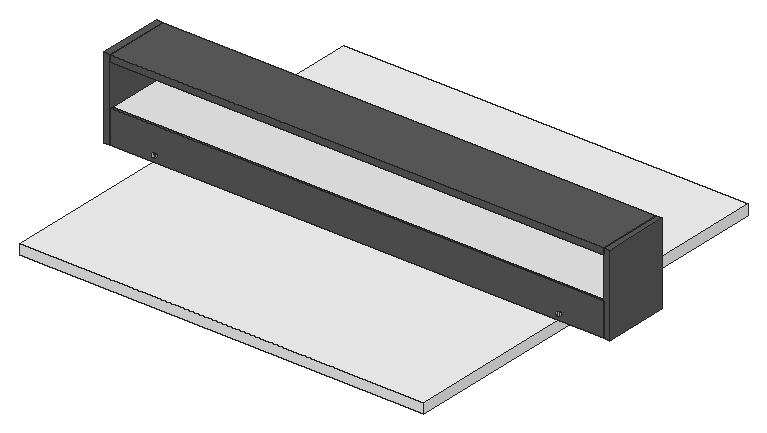
Revit family "BE_50756.2_de_DE", category Leuchten, Revit 2020
Family settings
  Basisbauteil = Fläche
  Bemaßung runder Anschluss = Durchmesser verwenden
  Teiletyp = Normal
  Beim Laden mit Abzugskörper schneiden = Ja
  Lichtquelle = Ja
  Gemeinsam genutzt = Nein
  Raumberechnungspunkt = Ja
Parameters (values of type "BEGA_50756.2_K3")
  built-in parameter 1150104 = 11.65 (stored number, unit not read)
  Wattage = 25.2 W
  Default Elevation = 0 mm
  built-in parameter 1150113 = 1 (stored number, unit not read)
  built-in parameter 1114218 = 1 (stored number, unit not read)
  Umgebungstemperatur = "25 °C"
  URL = "https://www.bega.com/de/produkt/50756.2"
  Typenkommentare = "© 2023 BEGA. Wir behalten uns das Recht vor, technische Änderungen ohne vorherige Ankündigung vorzunehmen."  # constant formula
  built-in parameter 1150134 = (empty or 0)
  built-in parameter 1150109 = 1 (stored number, unit not read)
  built-in parameter 1150110 = 1 (stored number, unit not read)
  Spannung = 239.996 V
  Sonderanfertigung = no
  Seriennummer [instance] = "Hier können Sie die eindeutige Seriennummer für das Facility Management eintragen."
  Schutzklasse = "I"
  Schutzart = "IP 20"
  Scheinlast = 0 VA
  Produktdatenblatt = "https://cdn.bega.com/bega/products/50756.2K3/current/documents/data-sheets/de"
  Neigungswinkel = 0.00°
  Modell = "50756.2K3"
  Material_35 = BEGA_Oberfläche_Samtschwarz_matt
  Material_22 = BEGA_Oberfläche_Aluminium_matt
  Material_15 = BEGA_Leuchtmedium_matt
  Material_13 = BEGA_Kunststoff_matt
  Material_06 = BEGA_Oberfläche_Edelstahl_gebürstet
  Material_05 = BEGA_Oberfläche_Aluminium_Guss
  Material_04 = BEGA_Kunststoff_Grafit_matt
  M_W = no
  M_G = no
  M_A = no
  Logo = 0
  built-in parameter 1114217 = 1 (stored number, unit not read)
  built-in parameter 1150139 = (empty or 0)
  built-in parameter 1150105 = 251.47 (stored number, unit not read)
  built-in parameter 1150114 = 1 (stored number, unit not read)
  Lumens = 3160.08 lm
  built-in parameter 1150115 = 1 (stored number, unit not read)
  Leuchtenlichtstrom = "1344 lm"
  Lebensdauerkriterien = "L70B50 @ 25 °C = 200000 h"
  Lastklassifizierung = Beleuchtung
  built-in parameter 1150112 = 1 (stored number, unit not read)
  Lampenlichtstrom = "3160 lm"
  Lampe = "LED 25.2 W"
  LED_Modulbezeichnung = "2x LED-0696/930"
  Hersteller = "BEGA"  # constant formula
  Gewicht = "1.45 kg"
  Frequenz = "0/50-60 Hz"
  Farbwiedergabeindex = "CRI > 90"
  Farbtemperaturverschiebung bei Dämpfen der Lampe = <Keine Auswahl>
  Farbtemperatur = "3000 K"
  Color Filter = 16777215
  built-in parameter 1150133 = 10 (stored number, unit not read)
  Energieeffizienzklasse = "LED A++ - A"
  built-in parameter 1150137 = (empty or 0)
  built-in parameter 1150132 = (empty or 0)
  ENEC = "ja"
  Dimmbar [instance] = "on/off"
  Datei für fotometrisches Netz = "BE_50756-2K3.ies"
  CE_Konformität = "ja"
  Bestellnummer = "50756.2K3"
  Beschreibung_Sonderanfertigung = "Hier können Sie Informationen zur Sonderanfertigung eintragen."
  Beschreibung = "Wandleuchte"
  built-in parameter 1150106 = 2.5147 (stored number, unit not read)
  Befestigungsbohrung = "Ø 4,5 mm"
  Befestigungsabstand = "410 mm"
  BEGA_Intern_aus = yes
  BEGA_Intern_an = yes
  BEGA_Intern_Konstruktion = yes
  BEGA_Intern = yes
  BEGA_IES = yes
  BEGA_Dummy = no
  Anschlussleistung [instance] = "29 W"
  built-in parameter 1150107 = 3000 (stored number, unit not read)
  built-in parameter 1150102 = (empty or 0)
  built-in parameter 1150138 = (empty or 0)
  Aktualisierung = "2023-06-12T04:00:03"
  AC/DC = "AC/DC"
Reference planes
  plane 1 "Mitte (Vorne/Hinten)": y = 0
  plane 2: z = 0
  plane 3 "Mitte (Links/Rechts)": x = 0
  plane 4 "Links": x = -249
  plane 5 "Rechts": x = 251
  plane 6 "Unten": y = -35.672
  plane 7 "Oben": y = 30.329
  plane 8 "Vorne": z = 80
  plane 9 "Hinten": z = 0
Forms (mm)
  Extrusion 1, solid, material "BEGA_Platte_Weiss"
    sketch origin (0, -1119.2, 0) x (1, 0, 0) y (0, 1, 0)
      loop
        line (-200, 1319.2) -> (-200, 919.2) -> (200, 919.2) -> (200, 1319.2) -> (-200, 1319.2)
    from 0 to -10
  Extrusion 2, solid, material "BEGA_Dummy_matt", visible <- "BEGA_Dummy"
    sketch origin (80.095, -76.023, 0) x (1, 0, 0) y (0, 1, 0)
      loop
        line (-329.095, 106.352) -> (-329.095, 40.351) -> (170.905, 40.351) -> (170.905, 106.352) -> (-329.095, 106.352)
    from 0 to 80
Dimensions and locks
  plane 1 "Mitte (Vorne/Hinten)" to Extrusion 1 = 200 mm
  aligned and locked: plane 2 to Extrusion 1
  aligned and locked: level to Extrusion 1
Nested families
  nested 1: "BE_50756.2_Leuchte" at (0, 0, 0), type "BE_50756.2_Leuchte"
Connectors
  electrical at (0, 0, 0), driven by "Lastklassifizierung", driven by "Spannung", driven by "Scheinlast"
    settings: index 1, voltage 239.996 V, apparent load 0 VA, apparent load phase1 0 VA, apparent load phase2 0 VA, apparent load phase3 0 VA, power factor 1, load classification "Beleuchtung", number of poles 1, system type 31, power factor state 1, is connector primary yes, connector utility no, sub classification motor no, connector description ""
Definition of nested family "BE_50756.2_Leuchte"
  Parameters (values of type "BE_50756.2_Leuchte")
    Default Elevation = 1 mm
    URL = "http://www.bega.de/de/produkt"
    Type Comments = "© 2015 BEGA. Wir behalten uns das Recht vor, technische Änderungen ohne vorherige Ankündigung vorzunehmen. "  # constant formula
    Type Image = (empty or 0)
    Material_35 = none
    Material_22 = none
    Material_15 = none
    Material_13 = none
    Material_06 = none
    Material_05 = none
    Material_04 = none
    Länge_Platte = 550 mm  # constant formula
    Höhe_Platte = -10 mm  # constant formula
    Manufacturer = "BEGA"  # constant formula
    Breite_Platte = 200 mm  # constant formula
  Reference planes
    plane 1 "Mitte (Oben/Unten)": y = 0
    plane 2: z = 0
    plane 3 "Mitte (Links/Rechts)": x = 0
    plane 4: z = 80
    plane 5: y = -35.672
    plane 6: y = 30.328
    plane 7: x = 251
    plane 8: x = -249
  Forms (mm)
    Extrusion 1, solid, detail levels medium
      sketch origin (0, 0, 0) x (1, 0, 0) y (0, 1, 0)
        loop
          line (-275, 100) -> (-275, -100) -> (275, -100) -> (275, 100) -> (-275, 100)
      from 0 to -10 <- "Höhe_Platte"
    Extrusion 2, solid, material <- "Material_05"
      sketch origin (0, 0, 0) x (0, 1, 0) y (0, 0, 1)
        loop
          line (25, 10.5) -> (20, 5.5) -> (-20, 5.5) -> (-25, 10.5) -> (-26.414, 9.086) -> (-21.707, 4.379)
          arc (-21.707, 4.379) -> (-20.734, 3.728) -> (-19.586, 3.5) r 3
          line (-19.586, 3.5) -> (19.586, 3.5)
          arc (19.586, 3.5) -> (20.729, 3.726) -> (21.7, 4.371) r 3
          line (21.7, 4.371) -> (26.414, 9.086) -> (25, 10.5)
      from -235 to 235
    Revolve 3, solid, material <- "Material_05"
      sketch origin (-205, 0, 0) x (0, 1, 0) y (0, 0, 1)
        loop
          line (12, 3.5) -> (12, 0) -> (14, 0)
          arc (14, 0) -> (15.048, 0.296) -> (15.785, 1.097) r 2
          line (15.785, 1.097) -> (17, 3.5) -> (12, 3.5)
        axis (12, 0) -> (12, 3.5)
      angle from 0 to 360
    Revolve 4, solid, material <- "Material_05"
      sketch origin (205, 0, 0) x (0, 1, 0) y (0, 0, 1)
        loop
          line (12, 3.5) -> (12, 0) -> (14, 0)
          arc (14, 0) -> (15.048, 0.296) -> (15.785, 1.097) r 2
          line (15.785, 1.097) -> (17, 3.5) -> (12, 3.5)
        axis (12, 0) -> (12, 3.5)
      angle from 0 to 360
    Revolve 5, solid, material <- "Material_05"
      sketch origin (-205, -24, 0) x (0, 1, 0) y (0, 0, 1)
        loop
          line (12, 3.5) -> (12, 0) -> (14, 0)
          arc (14, 0) -> (15.048, 0.296) -> (15.785, 1.097) r 2
          line (15.785, 1.097) -> (17, 3.5) -> (12, 3.5)
        axis (12, 0) -> (12, 3.5)
      angle from 0 to 360
    Revolve 6, solid, material <- "Material_05"
      sketch origin (205, -24, 0) x (0, 1, 0) y (0, 0, 1)
        loop
          line (12, 3.5) -> (12, 0) -> (14, 0)
          arc (14, 0) -> (15.048, 0.296) -> (15.785, 1.097) r 2
          line (15.785, 1.097) -> (17, 3.5) -> (12, 3.5)
        axis (12, 0) -> (12, 3.5)
      angle from 0 to 360
    Extrusion 7, void
      sketch origin (0, 0, 0) x (1, 0, 0) y (0, 1, 0)
        loop
          arc (100, 15) -> (85, 0) -> (100, -15) r 15
          line (100, -15) -> (140, -15)
          arc (140, -15) -> (155, 0) -> (140, 15) r 15
          line (140, 15) -> (100, 15)
        loop
          arc (-202.75, 2.75) -> (-205, 5) -> (-207.25, 2.75) r 2.25
          line (-207.25, 2.75) -> (-207.25, -2.75)
          arc (-207.25, -2.75) -> (-205, -5) -> (-202.75, -2.75) r 2.25
          line (-202.75, -2.75) -> (-202.75, 2.75)
        loop
          line (207.75, 2.25) -> (202.25, 2.25)
          arc (202.25, 2.25) -> (200, 0) -> (202.25, -2.25) r 2.25
          line (202.25, -2.25) -> (207.75, -2.25)
          arc (207.75, -2.25) -> (210, 0) -> (207.75, 2.25) r 2.25
      from 3.5 to 5.5
    Extrusion 8, solid, material <- "Material_35"
      sketch origin (0, 0, 0) x (0, 1, 0) y (0, 0, 1)
        loop
          line (30.328, 33) -> (28.328, 33) -> (28.328, 31) -> (-32.672, 31) -> (-32.672, 33) -> (-34.672, 33) -> (-34.572, 0) -> (-31.672, 0) -> (-31.672, 2)
          arc (-31.672, 2) -> (-31.525, 2.354) -> (-31.172, 2.5) r 0.5
          arc (-31.172, 2.5) -> (-30.818, 2.646) -> (-30.672, 3) r 0.5
          line (-30.672, 3) -> (-30.672, 10)
          arc (-30.672, 10) -> (-30.818, 10.354) -> (-31.172, 10.5) r 0.5
          arc (-31.172, 10.5) -> (-31.525, 10.646) -> (-31.672, 11) r 0.5
          line (-31.672, 11) -> (-31.672, 29) -> (27.328, 29) -> (27.328, 10) -> (24.328, 7) -> (24.328, 5.5)
          arc (24.328, 5.5) -> (24.475, 5.146) -> (24.828, 5) r 0.5
          line (24.828, 5) -> (26.828, 5)
          arc (26.828, 5) -> (27.182, 4.854) -> (27.328, 4.5) r 0.5
          line (27.328, 4.5) -> (27.328, 0) -> (30.328, 0) -> (30.328, 33)
        loop
          line (30.328, 74) -> (30.328, 80) -> (-34.672, 80) -> (-34.672, 74) -> (-33.172, 74) -> (-33.172, 76) -> (28.828, 76) -> (28.828, 74) -> (30.328, 74)
      from -243 to 245
    Extrusion 9, solid, material <- "Material_04"
      sketch origin (0, 0, 0) x (0, 1, 0) y (0, 0, 1)
        loop
          line (1.328, 76) -> (-17.672, 76) -> (-17.672, 74.2) -> (1.328, 74.2) -> (1.328, 76)
      from -224 to 226.3
    Extrusion 10, solid, material <- "Material_13"
      sketch origin (0, 0, 0) x (0, 1, 0) y (0, 0, 1)
        loop
          line (-27.778, 76) -> (-29.308, 76)
          arc (-29.308, 76) -> (-2.172, 65.676) -> (24.964, 76) r 40.824
          line (24.964, 76) -> (23.435, 76)
          arc (23.435, 76) -> (-2.172, 66.676) -> (-27.778, 76) r 39.824
      from -243 to 245
    Extrusion 11, solid, material <- "Material_35"
      sketch origin (0, 0, 0) x (0, 1, 0) y (0, 0, 1)
        loop
          line (30.328, 80) -> (-34.672, 80) -> (-34.672, 0) -> (30.328, 0) -> (30.328, 80)
      from 245 to 251
    Extrusion 12, solid, material <- "Material_35"
      sketch origin (0, 0, 0) x (0, 1, 0) y (0, 0, -1)
        loop
          line (30.328, -80) -> (30.328, 0) -> (-34.672, 0) -> (-34.672, -80) -> (30.328, -80)
      from 243 to 249
    Extrusion 13, solid, material <- "Material_15"
      sketch origin (0, 0, 0) x (1, 0, 0) y (0, 1, 0)
        loop
          line (-221, -0.672) -> (-221, -3.672) -> (-218, -3.672) -> (-218, -0.672) -> (-221, -0.672)
        loop
          line (-211.609, -3.672) -> (-208.609, -3.672) -> (-208.609, -0.672) -> (-211.609, -0.672) -> (-211.609, -3.672)
        loop
          line (-202.217, -3.672) -> (-199.217, -3.672) -> (-199.217, -0.672) -> (-202.217, -0.672) -> (-202.217, -3.672)
        loop
          line (-192.826, -3.672) -> (-189.826, -3.672) -> (-189.826, -0.672) -> (-192.826, -0.672) -> (-192.826, -3.672)
        loop
          line (-183.435, -0.672) -> (-183.435, -3.672) -> (-180.435, -3.672) -> (-180.435, -0.672) -> (-183.435, -0.672)
        loop
          line (-174.043, -3.672) -> (-171.043, -3.672) -> (-171.043, -0.672) -> (-174.043, -0.672) -> (-174.043, -3.672)
        loop
          line (-164.652, -3.672) -> (-161.652, -3.672) -> (-161.652, -0.672) -> (-164.652, -0.672) -> (-164.652, -3.672)
        loop
          line (-155.261, -3.672) -> (-152.261, -3.672) -> (-152.261, -0.672) -> (-155.261, -0.672) -> (-155.261, -3.672)
        loop
          line (-145.87, -3.672) -> (-142.87, -3.672) -> (-142.87, -0.672) -> (-145.87, -0.672) -> (-145.87, -3.672)
        loop
          line (-136.478, -3.672) -> (-133.478, -3.672) -> (-133.478, -0.672) -> (-136.478, -0.672) -> (-136.478, -3.672)
        loop
          line (-127.087, -3.672) -> (-124.087, -3.672) -> (-124.087, -0.672) -> (-127.087, -0.672) -> (-127.087, -3.672)
        loop
          line (-117.696, -3.672) -> (-114.696, -3.672) -> (-114.696, -0.672) -> (-117.696, -0.672) -> (-117.696, -3.672)
        loop
          line (-108.304, -3.672) -> (-105.304, -3.672) -> (-105.304, -0.672) -> (-108.304, -0.672) -> (-108.304, -3.672)
        loop
          line (-98.913, -3.672) -> (-95.913, -3.672) -> (-95.913, -0.672) -> (-98.913, -0.672) -> (-98.913, -3.672)
        loop
          line (-89.522, -3.672) -> (-86.522, -3.672) -> (-86.522, -0.672) -> (-89.522, -0.672) -> (-89.522, -3.672)
        loop
          line (-80.13, -3.672) -> (-77.13, -3.672) -> (-77.13, -0.672) -> (-80.13, -0.672) -> (-80.13, -3.672)
        loop
          line (-70.739, -3.672) -> (-67.739, -3.672) -> (-67.739, -0.672) -> (-70.739, -0.672) -> (-70.739, -3.672)
        loop
          line (-61.348, -3.672) -> (-58.348, -3.672) -> (-58.348, -0.672) -> (-61.348, -0.672) -> (-61.348, -3.672)
        loop
          line (-51.957, -3.672) -> (-48.957, -3.672) -> (-48.957, -0.672) -> (-51.957, -0.672) -> (-51.957, -3.672)
        loop
          line (-42.565, -3.672) -> (-39.565, -3.672) -> (-39.565, -0.672) -> (-42.565, -0.672) -> (-42.565, -3.672)
        loop
          line (-33.174, -3.672) -> (-30.174, -3.672) -> (-30.174, -0.672) -> (-33.174, -0.672) -> (-33.174, -3.672)
        loop
          line (-23.783, -3.672) -> (-20.783, -3.672) -> (-20.783, -0.672) -> (-23.783, -0.672) -> (-23.783, -3.672)
        loop
          line (-14.391, -3.672) -> (-11.391, -3.672) -> (-11.391, -0.672) -> (-14.391, -0.672) -> (-14.391, -3.672)
        loop
          line (-5, -3.672) -> (-2, -3.672) -> (-2, -0.672) -> (-5, -0.672) -> (-5, -3.672)
        loop
          line (4.3, -3.672) -> (7.3, -3.672) -> (7.3, -0.672) -> (4.3, -0.672) -> (4.3, -3.672)
        loop
          line (13.691, -3.672) -> (16.691, -3.672) -> (16.691, -0.672) -> (13.691, -0.672) -> (13.691, -3.672)
        loop
          line (23.083, -3.672) -> (26.083, -3.672) -> (26.083, -0.672) -> (23.083, -0.672) -> (23.083, -3.672)
        loop
          line (32.474, -3.672) -> (35.474, -3.672) -> (35.474, -0.672) -> (32.474, -0.672) -> (32.474, -3.672)
        loop
          line (41.865, -3.672) -> (44.865, -3.672) -> (44.865, -0.672) -> (41.865, -0.672) -> (41.865, -3.672)
        loop
          line (51.257, -3.672) -> (54.257, -3.672) -> (54.257, -0.672) -> (51.257, -0.672) -> (51.257, -3.672)
        loop
          line (60.648, -3.672) -> (63.648, -3.672) -> (63.648, -0.672) -> (60.648, -0.672) -> (60.648, -3.672)
        loop
          line (70.039, -3.672) -> (73.039, -3.672) -> (73.039, -0.672) -> (70.039, -0.672) -> (70.039, -3.672)
        loop
          line (79.43, -3.672) -> (82.43, -3.672) -> (82.43, -0.672) -> (79.43, -0.672) -> (79.43, -3.672)
        loop
          line (88.822, -3.672) -> (91.822, -3.672) -> (91.822, -0.672) -> (88.822, -0.672) -> (88.822, -3.672)
        loop
          line (98.213, -3.672) -> (101.213, -3.672) -> (101.213, -0.672) -> (98.213, -0.672) -> (98.213, -3.672)
        loop
          line (107.604, -3.672) -> (110.604, -3.672) -> (110.604, -0.672) -> (107.604, -0.672) -> (107.604, -3.672)
        loop
          line (116.996, -3.672) -> (119.996, -3.672) -> (119.996, -0.672) -> (116.996, -0.672) -> (116.996, -3.672)
        loop
          line (126.387, -3.672) -> (129.387, -3.672) -> (129.387, -0.672) -> (126.387, -0.672) -> (126.387, -3.672)
        loop
          line (135.778, -3.672) -> (138.778, -3.672) -> (138.778, -0.672) -> (135.778, -0.672) -> (135.778, -3.672)
        loop
          line (145.17, -3.672) -> (148.17, -3.672) -> (148.17, -0.672) -> (145.17, -0.672) -> (145.17, -3.672)
        loop
          line (154.561, -3.672) -> (157.561, -3.672) -> (157.561, -0.672) -> (154.561, -0.672) -> (154.561, -3.672)
        loop
          line (163.952, -3.672) -> (166.952, -3.672) -> (166.952, -0.672) -> (163.952, -0.672) -> (163.952, -3.672)
        loop
          line (173.343, -3.672) -> (176.343, -3.672) -> (176.343, -0.672) -> (173.343, -0.672) -> (173.343, -3.672)
        loop
          line (182.735, -3.672) -> (185.735, -3.672) -> (185.735, -0.672) -> (182.735, -0.672) -> (182.735, -3.672)
        loop
          line (192.126, -3.672) -> (195.126, -3.672) -> (195.126, -0.672) -> (192.126, -0.672) -> (192.126, -3.672)
        loop
          line (201.517, -3.672) -> (204.517, -3.672) -> (204.517, -0.672) -> (201.517, -0.672) -> (201.517, -3.672)
        loop
          line (210.909, -3.672) -> (213.909, -3.672) -> (213.909, -0.672) -> (210.909, -0.672) -> (210.909, -3.672)
        loop
          line (220.3, -3.672) -> (223.3, -3.672) -> (223.3, -0.672) -> (220.3, -0.672) -> (220.3, -3.672)
      from 73.68 to 74.558
    Revolve 14, solid, material <- "Material_06"
      sketch origin (-199, 0, 0) x (0, 1, 0) y (0, 0, 1)
        loop
          line (-24.728, 6.5) -> (-25.957, 8.629) -> (-26.672, 9.236) -> (-26.672, 8.35) -> (-27.546, 8.35) -> (-28.672, 9) -> (-32.288, 9) -> (-33.002, 8.5) -> (-35.672, 8.5) -> (-35.672, 6.5) -> (-24.728, 6.5)
        axis (-24.728, 6.5) -> (-35.672, 6.5)
      angle from 0 to 360
    Revolve 15, solid, material <- "Material_06"
      sketch origin (201, 0, 0) x (0, 1, 0) y (0, 0, 1)
        loop
          line (-24.728, 6.5) -> (-25.957, 8.629) -> (-26.672, 9.236) -> (-26.672, 8.35) -> (-27.546, 8.35) -> (-28.672, 9) -> (-32.288, 9) -> (-33.002, 8.5) -> (-35.672, 8.5) -> (-35.672, 6.5) -> (-24.728, 6.5)
        axis (-24.728, 6.5) -> (-35.672, 6.5)
      angle from 0 to 360
    Extrusion 16, solid, material <- "Material_22"
      sketch origin (0, 0, 0) x (0, 1, 0) y (0, 0, 1)
        loop
          line (27.973, 31) -> (27.973, 32.46) -> (-32.191, 32.46) -> (-32.191, 31) -> (27.973, 31)
      from -243 to 245
  Cuts and joins
    Extrusion 7 cuts Extrusion 2
    Extrusion 7 cuts Revolve 3
    Extrusion 7 cuts Revolve 4
    Extrusion 7 cuts Revolve 5
    Extrusion 7 cuts Revolve 6
    joined: Extrusion 2, Revolve 3, Revolve 4, Revolve 5, Revolve 6
    joined: Extrusion 11, Extrusion 12
    joined: Revolve 14, Revolve 15
  Dimensions and locks
    equal spacing: Extrusion 1 sketch curve, plane 3 "Mitte (Links/Rechts)", Extrusion 1 sketch curve
    equal spacing: Extrusion 1 sketch curve, plane 1 "Mitte (Oben/Unten)", Extrusion 1 sketch curve
    "Länge_Platte": Extrusion 1 sketch curve to Extrusion 1 sketch curve
    "Breite_Platte": Extrusion 1 sketch curve to Extrusion 1 sketch curve
    plane 1 "Mitte (Oben/Unten)" to Extrusion 1 = 100 mm  (x3)
    aligned and locked: Extrusion 1 to plane 2
    aligned and locked: Extrusion 1 to level
  Automatic sketch dimensions
    level to Extrusion 2 sketch curve = 9.086 mm  (x2)
    plane 1 "Mitte (Oben/Unten)" to Extrusion 2 sketch curve = 26.414 mm
    level to Extrusion 2 sketch curve = 10.5 mm  (x2)
    Extrusion 2 sketch curve to Extrusion 2 sketch curve = 1.414 mm  (x2)
    level to Extrusion 2 sketch curve = 5.5 mm
    Extrusion 2 sketch curve to Extrusion 2 sketch curve = 5 mm
    Extrusion 2 sketch curve to Extrusion 2 sketch curve = 0.414 mm  (x2)
    level to Extrusion 2 sketch curve = 3.5 mm
    Extrusion 2 sketch curve to plane 1 "Mitte (Oben/Unten)" = 19.586 mm
    level to Extrusion 2 sketch curve = 4.371 mm
    Extrusion 2 sketch curve to Extrusion 2 sketch curve = 1.699 mm
    Extrusion 2 sketch curve to Extrusion 2 sketch curve = 5.414 mm
    Extrusion 2 sketch curve to Extrusion 2 sketch curve = 1 mm
    level to Extrusion 2 sketch curve = 4.379 mm
    Extrusion 2 sketch curve to Extrusion 2 sketch curve = 1.707 mm
    Extrusion 2 sketch curve to Extrusion 2 sketch curve = 0 mm
    Revolve 3 sketch curve to level = 0 mm
    level to Revolve 3 sketch curve = 3.5 mm
    Revolve 3 sketch curve to plane 1 "Mitte (Oben/Unten)" = 12 mm
    Revolve 3 sketch curve to Revolve 3 sketch curve = 2 mm  (x4)
    Revolve 3 sketch curve to Revolve 3 sketch curve = 3 mm
    Revolve 3 sketch curve to Revolve 3 sketch curve = 0 mm  (x2)
    level to Revolve 3 sketch curve = 1.097 mm  (x2)
    Revolve 4 sketch curve to level = 0 mm
    level to Revolve 4 sketch curve = 3.5 mm
    Revolve 4 sketch curve to plane 1 "Mitte (Oben/Unten)" = 12 mm
    Revolve 4 sketch curve to Revolve 4 sketch curve = 2 mm  (x4)
    Revolve 4 sketch curve to Revolve 4 sketch curve = 3 mm
    Revolve 4 sketch curve to Revolve 4 sketch curve = 0 mm  (x2)
    level to Revolve 4 sketch curve = 1.097 mm  (x2)
    Revolve 5 sketch curve to level = 0 mm
    level to Revolve 5 sketch curve = 3.5 mm
    plane 1 "Mitte (Oben/Unten)" to Revolve 5 sketch curve = 12 mm
    Revolve 5 sketch curve to Revolve 5 sketch curve = 2 mm  (x3)
    Revolve 5 sketch curve to Revolve 5 sketch curve = 3 mm
    Revolve 5 sketch curve to Revolve 5 sketch curve = 0 mm  (x2)
    level to Revolve 5 sketch curve = 1.097 mm  (x2)
    Revolve 5 sketch curve to level = 2 mm
    Revolve 6 sketch curve to level = 0 mm
    level to Revolve 6 sketch curve = 3.5 mm
    plane 1 "Mitte (Oben/Unten)" to Revolve 6 sketch curve = 12 mm
    Revolve 6 sketch curve to Revolve 6 sketch curve = 2 mm  (x3)
    Revolve 6 sketch curve to Revolve 6 sketch curve = 3 mm
    Revolve 6 sketch curve to Revolve 6 sketch curve = 0 mm  (x2)
    level to Revolve 6 sketch curve = 1.097 mm  (x2)
    Revolve 6 sketch curve to level = 2 mm
    plane 1 "Mitte (Oben/Unten)" to Extrusion 7 sketch curve = 0 mm  (x2)
    Extrusion 7 sketch curve to plane 1 "Mitte (Oben/Unten)" = 2.75 mm
    Extrusion 7 sketch curve to plane 3 "Mitte (Links/Rechts)" = 207.25 mm
    Extrusion 7 sketch curve to Extrusion 7 sketch curve = 2.25 mm
    Extrusion 7 sketch curve to plane 1 "Mitte (Oben/Unten)" = 15 mm
    plane 3 "Mitte (Links/Rechts)" to Extrusion 7 sketch curve = 100 mm
    Extrusion 7 sketch curve to Extrusion 7 sketch curve = 40 mm
    Extrusion 7 sketch curve to plane 1 "Mitte (Oben/Unten)" = 2.25 mm
    Extrusion 7 sketch curve to Extrusion 7 sketch curve = 62.25 mm
    Extrusion 7 sketch curve to Extrusion 7 sketch curve = 5.5 mm
    plane 1 "Mitte (Oben/Unten)" to Extrusion 7 sketch curve = 2.75 mm
    Extrusion 8 sketch curve to level = 0 mm  (x3)
    plane 1 "Mitte (Oben/Unten)" to Extrusion 8 sketch curve = 34.672 mm  (x2)
    Extrusion 8 sketch curve to Extrusion 8 sketch curve = 0 mm  (x13)
    Extrusion 8 sketch curve to Extrusion 8 sketch curve = 0.101 mm
    Extrusion 8 sketch curve to Extrusion 8 sketch curve = 1.5 mm  (x2)
    Extrusion 8 sketch curve to Extrusion 8 sketch curve = 2.001 mm
    Extrusion 8 sketch curve to Extrusion 8 sketch curve = 2.9 mm
    level to Extrusion 8 sketch curve = 2 mm
    Extrusion 8 sketch curve to Extrusion 8 sketch curve = 1 mm  (x2)
    Extrusion 8 sketch curve to Extrusion 8 sketch curve = 0.5 mm  (x11)
    level to Extrusion 8 sketch curve = 3 mm
    level to Extrusion 8 sketch curve = 10 mm  (x2)
    level to Extrusion 8 sketch curve = 5.5 mm
    Extrusion 8 sketch curve to plane 1 "Mitte (Oben/Unten)" = 24.328 mm
    level to Extrusion 8 sketch curve = 7 mm
    Extrusion 8 sketch curve to Extrusion 8 sketch curve = 2 mm  (x7)
    level to Extrusion 8 sketch curve = 4.5 mm
    Extrusion 8 sketch curve to Extrusion 8 sketch curve = 3 mm  (x2)
    Extrusion 8 sketch curve to plane 1 "Mitte (Oben/Unten)" = 28.828 mm
    Extrusion 8 sketch curve to Extrusion 8 sketch curve = 19 mm
    Extrusion 8 sketch curve to Extrusion 8 sketch curve = 18 mm
    Extrusion 8 sketch curve to Extrusion 8 sketch curve = 41 mm  (x2)
    Extrusion 8 sketch curve to Extrusion 8 sketch curve = 4 mm
    plane 1 "Mitte (Oben/Unten)" to Extrusion 9 sketch curve = 17.672 mm
    Extrusion 9 sketch curve to Extrusion 9 sketch curve = 0 mm
    Extrusion 9 sketch curve to plane 1 "Mitte (Oben/Unten)" = 1.328 mm
    level to Extrusion 9 sketch curve = 74.2 mm
    Extrusion 9 sketch curve to Extrusion 9 sketch curve = 1.8 mm
    Extrusion 10 sketch curve to Extrusion 10 sketch curve = 0 mm  (x3)
    plane 1 "Mitte (Oben/Unten)" to Extrusion 10 sketch curve = 29.308 mm
    Extrusion 10 sketch curve to Extrusion 10 sketch curve = 1.529 mm  (x2)
    plane 1 "Mitte (Oben/Unten)" to Extrusion 10 sketch curve = 2.172 mm
    Extrusion 10 sketch curve to plane 1 "Mitte (Oben/Unten)" = 23.435 mm
    level to Extrusion 10 sketch curve = 76 mm
    Extrusion 10 sketch curve to Extrusion 10 sketch curve = 30.5 mm
    Extrusion 11 sketch curve to level = 0 mm
    plane 1 "Mitte (Oben/Unten)" to Extrusion 11 sketch curve = 34.672 mm  (x2)
    Extrusion 11 sketch curve to plane 1 "Mitte (Oben/Unten)" = 30.328 mm
    level to Extrusion 11 sketch curve = 80 mm
    Extrusion 12 sketch curve to level = 0 mm
    plane 1 "Mitte (Oben/Unten)" to Extrusion 12 sketch curve = 34.672 mm  (x2)
    Extrusion 12 sketch curve to plane 1 "Mitte (Oben/Unten)" = 30.328 mm
    level to Extrusion 12 sketch curve = 80 mm
    plane 1 "Mitte (Oben/Unten)" to Extrusion 13 sketch curve = 0.672 mm  (x48)
    Extrusion 13 sketch curve to plane 3 "Mitte (Links/Rechts)" = 221 mm
    Extrusion 13 sketch curve to Extrusion 13 sketch curve = 3 mm  (x65)
    Extrusion 13 sketch curve to Extrusion 13 sketch curve = 6.391 mm  (x45)
    Extrusion 13 sketch curve to plane 3 "Mitte (Links/Rechts)" = 5 mm
    Extrusion 13 sketch curve to plane 3 "Mitte (Links/Rechts)" = 2 mm
    plane 3 "Mitte (Links/Rechts)" to Extrusion 13 sketch curve = 4.3 mm
    plane 1 "Mitte (Oben/Unten)" to Extrusion 13 sketch curve = 3.672 mm  (x30)
    level to Revolve 14 sketch curve = 8.5 mm  (x2)
    plane 1 "Mitte (Oben/Unten)" to Revolve 14 sketch curve = 35.672 mm
    Revolve 14 sketch curve to Revolve 14 sketch curve = 2.67 mm
    level to Revolve 14 sketch curve = 9 mm
    Revolve 14 sketch curve to Revolve 14 sketch curve = 0.714 mm  (x2)
    Revolve 14 sketch curve to Revolve 14 sketch curve = 3.616 mm
    Revolve 14 sketch curve to Revolve 14 sketch curve = 1.126 mm
    Revolve 14 sketch curve to Revolve 14 sketch curve = 0.874 mm
    level to Revolve 14 sketch curve = 8.629 mm
    level to Revolve 14 sketch curve = 6.5 mm
    Revolve 14 sketch curve to Revolve 14 sketch curve = 1.229 mm
    Revolve 14 sketch curve to Revolve 14 sketch curve = 0.279 mm
    Revolve 14 sketch curve to Revolve 14 sketch curve = 0 mm  (x3)
    Revolve 14 sketch curve to Revolve 14 sketch curve = 0.886 mm
    Revolve 14 sketch curve to Revolve 14 sketch curve = 0.832 mm
    level to Revolve 15 sketch curve = 8.5 mm  (x2)
    plane 1 "Mitte (Oben/Unten)" to Revolve 15 sketch curve = 35.672 mm
    Revolve 15 sketch curve to Revolve 15 sketch curve = 2.67 mm
    level to Revolve 15 sketch curve = 9 mm
    Revolve 15 sketch curve to Revolve 15 sketch curve = 0.714 mm  (x2)
    Revolve 15 sketch curve to Revolve 15 sketch curve = 3.616 mm
    Revolve 15 sketch curve to Revolve 15 sketch curve = 1.126 mm
    Revolve 15 sketch curve to Revolve 15 sketch curve = 0.874 mm
    level to Revolve 15 sketch curve = 8.629 mm
    level to Revolve 15 sketch curve = 6.5 mm
    Revolve 15 sketch curve to Revolve 15 sketch curve = 1.229 mm
    Revolve 15 sketch curve to Revolve 15 sketch curve = 0.279 mm
    Revolve 15 sketch curve to Revolve 15 sketch curve = 0 mm  (x3)
    Revolve 15 sketch curve to Revolve 15 sketch curve = 0.886 mm
    Revolve 15 sketch curve to Revolve 15 sketch curve = 0.832 mm
    plane 1 "Mitte (Oben/Unten)" to Extrusion 16 sketch curve = 32.191 mm
    Extrusion 16 sketch curve to plane 1 "Mitte (Oben/Unten)" = 27.973 mm
    level to Extrusion 16 sketch curve = 32.46 mm
    Extrusion 16 sketch curve to Extrusion 16 sketch curve = 1.46 mm
